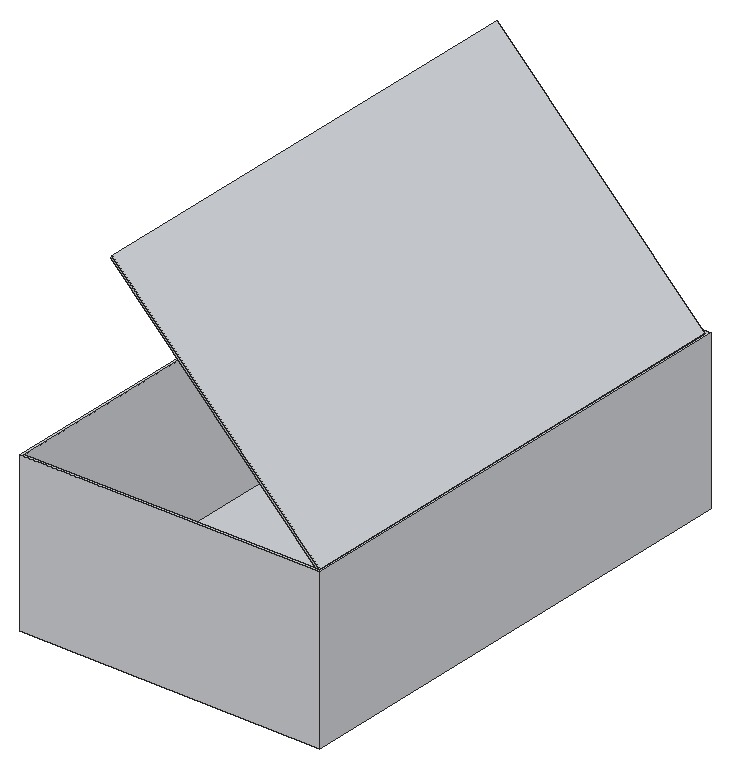
Revit family "Vector-IP65-empty-IT-en", category Electrical Equipment, host Face, Revit 2020
Family settings
  Host = Face
  Panel Configuration = Two Columns, Circuits Across
  Round Connector Dimension = Use Diameter
  Part Type = Panelboard
  Cut with Voids When Loaded = No
  Shared = No
  Room Calculation Point = No
Parameters (values of type "Surface mounted IP65 W400 H650 D210  Modular spacings - VP72G")
  Width Control [instance] = if([HG000006 - Flush mounted], if([EF000846 - Built-in width] > min_whd, [EF000846 - Built-in width], min_whd), if([EF000008 - Width] > min_whd, ([EF000008 - Width]), min_whd))  # 400 mm
  Void Depth [instance] = if([HG000006 - Flush mounted], Depth Control, 1 mm)  # 1 mm
  Type Comments = [HG000003 - Range]  # "Vector"
  System Height [instance] = Height Control - 2 * [HG000005 - Thickness]  # 644 mm
  Model = [HG000004 - Manufacturer reference]  # "VP72G"
  HG000011 - Empty rows from bottom = no
  HG000005 - Thickness = 3 mm  # constant formula
  Arrow Offset [instance] = Depth Control / 8  # 26.25 mm
  Arrow Height [instance] = Depth Control - Arrow Offset  # 183.75 mm
  Host Offset [instance] = if([HG000006 - Flush mounted], 0 mm, [EF000049 - Depth])  # 210 mm
  min_whd [instance] = (2 * [HG000005 - Thickness]) + 1 mm  # 7 mm
  Manufacturer = "Hager"  # constant formula
  Height Control [instance] = if([HG000006 - Flush mounted], if([EF000332 - Built-in height] > min_whd, [EF000332 - Built-in height], min_whd), if([EF000040 - Height] > min_whd, ([EF000040 - Height]), min_whd))  # 650 mm
  HG000010 - Asymmetric doors = no
  HG000009 - Double swing door = no
  HG000008 - Number of empty rows = 0
  HG000007 - Number of empty columns = 0
  HG000006 - Flush mounted = no
  HG000004 - Manufacturer reference = "VP72G"
  HG000003 - Range = "Vector"
  HG000002 - With door or cover = yes
  HG000001 - Number of columns = 0
  Flush Mounted - Door Frame Width [instance] = if(([EF000040 - Height] - [EF000332 - Built-in height]) > 0 mm, if([HG000006 - Flush mounted], [EF000040 - Height] - [EF000332 - Built-in height], 0 mm), 0 mm)  # 0 mm
  EF015941 - Signal passing door = no
  EF015777 - Neutral terminal block = no
  EF015776 - Earthing terminal block = no
  EF009212 - Cover model = "EV000116 - Closed"
  EF006306 - With lock = no
  EF006244 - Transparent cover/door = no
  EF005474 - Degree of protection (IP) = "EV006421 - IP65"
  EF004462 - Type of closure = "EV000154 - Other"
  EF002950 - Width in number of modular spacings = 0
  EF001596 - Material housing = "EV000139 - Plastic"
  EF001134 - DIN-rail = no
  EF001131 - Internal depth = 210 mm
  EF001088 - Extension possible = no
  EF001062 - EMC-version = no
  EF000846 - Built-in width = 0 mm
  EF000339 - Type of cover = "EV004216 - Door"
  EF000332 - Built-in height = 0 mm
  EF000266 - Number of rows = 0
  EF000218 - Built-in depth = 210 mm
  EF000118 - With mounting plate = no
  EF000116 - RAL-number = "7035"
  EF000049 - Depth = 210 mm
  EF000040 - Height = 650 mm
  EF000008 - Width = 400 mm
  EF000007 - Colour = "EV000270 - Grey"
  EF000003 - Mounting method = "EV000384 - Surface mounted (plaster)"
  Door_Right [instance] = yes
  Door_Left [instance] = not(Door_Right)  # no
  Door Swing Angle [instance] = 45.00°
  Door 3d Visibility [instance] = yes
  Depth Control [instance] = if([HG000006 - Flush mounted], if([EF000218 - Built-in depth] > 0 mm, [EF000218 - Built-in depth], 1 mm), if([EF000049 - Depth] > 0 mm, ([EF000049 - Depth]), 1 mm))  # 210 mm
  Default Elevation = 0 mm
  Clearance Visibility [instance] = no
Types (4, lengths in mm): name | Width Control | System Height | Model | Arrow Offset | Arrow Height | Host Offset | Height Control | HG000004 - Manufacturer reference | EF001131 - Internal depth | EF000218 - Built-in depth | EF000118 - With mounting plate | EF000049 - Depth | EF000040 - Height | EF000008 - Width | Depth Control
  Surface mounted IP65 W250 H350 D160  Modular spacings - VP20G | 250 | 344 | "VP20G" | 20 | 140 | 160 | 350 | "VP20G" | 160 | 160 | yes | 160 | 350 | 250 | 160
  Surface mounted IP65 W300 H500 D160  Modular spacings - VP36G | 300 | 494 | "VP36G" | 20 | 140 | 160 | 500 | "VP36G" | 160 | 160 | no | 160 | 500 | 300 | 160
  Surface mounted IP65 W400 H500 D210  Modular spacings - VP54G | 400 | 494 | "VP54G" | 26.25 | 183.75 | 210 | 500 | "VP54G" | 210 | 210 | no | 210 | 500 | 400 | 210
  Surface mounted IP65 W400 H650 D210  Modular spacings - VP72G | 400 | 644 | "VP72G" | 26.25 | 183.75 | 210 | 650 | "VP72G" | 210 | 210 | no | 210 | 650 | 400 | 210
Reference planes
  plane 1 "Center (Front/Back)": y = 0
  plane 2: z = 0
  plane 3 "Center (Left/Right)": x = 0
  plane 4: z = 210
  plane 5: y = 3
  plane 6: z = 205
  plane 7: y = 325
  plane 8: y = 0
  plane 9: y = 650
  plane 10: z = 0
  plane 11: x = -200
  plane 12: x = 200
  plane 13: x = 197
  plane 14: x = -197
  plane 15: y = 647
  plane 16: z = 3
  plane 17: z = 207
  plane 18: z = -1
  plane 19: z = 207
Forms (mm)
  Extrusion 1, solid
    sketch origin (-583.045, 0, 1219.2) x (-1, 0, 0) y (0, 0, 1)
      loop
        line (-383.045, -1009.2) -> (-783.045, -1009.2) -> (-783.045, -1219.2) -> (-383.045, -1219.2) -> (-383.045, -1009.2)
    from 0 to 650 <- "Height Control"
  Extrusion 2, void
    sketch origin (-381.607, -4572, 210) x (0, -1, 0) y (-1, 0, 0)
      loop
        line (-5219, -184.607) -> (-5219, -578.607) -> (-4575, -578.607) -> (-4575, -184.607) -> (-5219, -184.607)
    from 0 to 207
  Extrusion 3, void
    sketch origin (0, 0, 0) x (1, 0, 0) y (0, 1, 0)
      loop
        line (-200, 0) -> (200, 0) -> (200, 650) -> (-200, 650) -> (-200, 0)
    from -1 to 1
  Extrusion 4, solid, detail levels coarse
    sketch origin (-381.607, -4572, 210) x (-1, 0, 0) y (0, -1, 0)
      loop
        line (-184.607, -5219) -> (-184.607, -4575) -> (-578.607, -4575) -> (-578.607, -5219) -> (-184.607, -5219)
    from 0 to -3
Cuts and joins
  Extrusion 2 cuts Extrusion 1
Dimensions and locks
  plane 4 to plane 6 = 5 mm
  "Host Offset": plane 4 to host face
  "Flush Mounted - Door Frame Width": plane 1 "Center (Front/Back)" to plane 8
  "HG000005 - Thickness": plane 5 to plane 8
  locked: connector elem to plane 3 "Center (Left/Right)"
  "Height Control": plane 9 to plane 8
  equal spacing: plane 9, plane 7, plane 8
  locked: connector elem to plane 7
  "Depth Control": plane 4 to plane 10
  "HG000005 - Thickness": plane 11 to plane 14
  "HG000005 - Thickness": plane 12 to plane 13
  equal spacing: plane 11, plane 3 "Center (Left/Right)", plane 12
  "Width Control": plane 11 to plane 12
  "Arrow Offset": nested 4 to plane 10
  "HG000005 - Thickness": plane 9 to plane 15
  "HG000005 - Thickness": plane 16 to plane 10
  "HG000005 - Thickness": plane 4 to plane 17
  "Void Depth": plane 2 to plane 18
  "HG000005 - Thickness": plane 4 to plane 19
  aligned and locked: plane 2 to host face
  aligned and locked: level to host face
  aligned and locked: plane 3 "Center (Left/Right)" to nested 2
  aligned and locked: plane 4 to nested 2
  aligned and locked: nested 2 to plane 8
  aligned and locked: nested 1 to plane 6
  aligned and locked: plane 5 to nested 1
  aligned and locked: nested 4 to plane 11
  aligned and locked: nested 3 to plane 4
  aligned and locked: Extrusion 1 sketch curve to plane 12
  aligned and locked: Extrusion 1 sketch curve to plane 11
  aligned and locked: nested 3 to plane 10
  aligned and locked: plane 10 to Extrusion 1 sketch curve
  aligned and locked: plane 5 to Extrusion 2 sketch curve
  aligned and locked: Extrusion 2 sketch curve to plane 15
  aligned and locked: Extrusion 2 sketch curve to plane 14
  aligned and locked: Extrusion 2 sketch curve to plane 13
  aligned and locked: plane 11 to Extrusion 3 sketch curve
  aligned and locked: plane 9 to Extrusion 3 sketch curve
  aligned and locked: Extrusion 3 sketch curve to plane 8
  aligned and locked: plane 12 to Extrusion 3 sketch curve
  aligned and locked: nested 3 to plane 12
  aligned and locked: Extrusion 3 to plane 18
  aligned and locked: Extrusion 2 to plane 16
  aligned and locked: Extrusion 1 sketch curve to plane 4
  aligned and locked: Extrusion 4 to plane 17
  aligned and locked: Extrusion 4 sketch curve to plane 15
  aligned and locked: Extrusion 4 sketch curve to plane 13
  aligned and locked: Extrusion 4 sketch curve to plane 14
  aligned and locked: plane 5 to Extrusion 4 sketch curve
Automatic sketch dimensions
  host sketch curve to host sketch curve = 1469.727 mm
  host sketch curve to host sketch curve = 1318.837 mm
Nested families
  nested 1: "Hager_Enclosure_System" at (0, 3, 205) x (1, 0, 0) z (0, 1, 0), Depth <- "HG000005 - Thickness", Height <- "System Height", Width <- "EF000008 - Width", Border <- "HG000005 - Thickness", Flush_Mounted <- "HG000006 - Flush mounted", Built-in_Width <- "EF000846 - Built-in width", Row_Module_Multiplicator <- "EF002950 - Width in number of modular spacings", Total_No_Empty_Rows <- "HG000008 - Number of empty rows", Total_No_Rows <- "EF000266 - Number of rows", Empty_Columns <- "HG000007 - Number of empty columns", No_Rows <- "EF000266 - Number of rows", No_Columns <- "HG000001 - Number of columns", Width_Control <- "Width Control", Empty_Rows_From_Bottom <- "HG000011 - Empty rows from bottom", type "Hager_Enclosure_System", detail levels medium+fine
    with Width_Control 400 mm, Width 400 mm, Total_No_Rows 0, Total_No_Empty_Rows 0, Total_No_Columns 1, System_Width 394 mm, Rows_Column 0, Row_Module_Multiplicator 0, Panel_4 no, Panel_3 no, Panel_2 no, Panel_1 no, No_Rows 0, No_Panels_Ctrl 1, No_Columns 0, Hide_Columns yes, Height 644 mm, Flush_Mounted no, Empty_Rows_From_Bottom no, Empty_Rows_Column 0, Empty_Columns 0, Depth 3 mm, Column_Width 394 mm, Built-in_Width 0 mm, Border 3 mm
  nested 2: "Hager_Enclosure_Door" at (0, 0, 210) x (1, 0, 0) z (0, 1, 0), Border <- "HG000005 - Thickness", Door_Right <- "Door_Right", Flush_Mounted <- "HG000006 - Flush mounted", Depth <- "EF000049 - Depth", Width <- "EF000008 - Width", Door_Left <- "Door_Left", 3d_Door <- "Door 3d Visibility", BuiltIn_Width <- "EF000846 - Built-in width", BuiltIn_Height <- "EF000332 - Built-in height", BuiltIn_Depth <- "EF000218 - Built-in depth", Angle <- "Door Swing Angle", Assymetrical <- "HG000010 - Asymmetric doors", Double <- "HG000009 - Double swing door", Clearance <- "Clearance Visibility", Transparent <- "EF006244 - Transparent cover/door", Door <- "HG000002 - With door or cover", Height_Ctrl <- "Height Control", Width_Ctrl <- "Width Control", Height <- "EF000040 - Height", type "Hager_Enclosure_Door", detail levels medium+fine
    with min_wh 7 mm, Width_Ctrl 400 mm, Width 400 mm, Transparent no, Leaf_Width 391 mm, Leaf_Tolerance 1.5 mm, Leaf_Height 641 mm, Leaf_2_Width 391 mm, Leaf_2_Offset 195.5 mm, Leaf_1_Width 391 mm, Leaf_1_Offset 195.5 mm, Height_Ctrl 650 mm, Height 650 mm, Frame_Width_Ctrl 400 mm, Frame_Width 400 mm, Frame_Internal_Offset 0 mm, Frame_Height_Ctrl 650 mm, Frame_Height 650 mm, Frame_Depth_Ctrl 1 mm, Frame_Depth 0 mm, Flush_Mounted no, Double_Clearance_Ctrl no, Double no, Door_Right_Ctrl yes, Door_Right yes, Door_Left_Ctrl no, Door_Left no, Door yes, Depth 210 mm, Clearance_Depth 391 mm, Clearance_Ctrl no, Clearance no, BuiltIn_Width 0 mm, BuiltIn_Height 0 mm, BuiltIn_Depth 210 mm, Border 3 mm, Assymetrical no, Angle 45.00°, 3d_Door yes
  nested 3: "Hager_Enclosure_Symbol_Triangle" at (-200, 0, 0) x (1, 0, 0) z (0, -1, 0), Depth <- "Depth Control", Width <- "Width Control", type "Hager_Enclosure_Symbol_Triangle"
    with Width_Ctrl 400 mm, Width 400 mm, Depth_Ctrl 210 mm, Depth 210 mm
  nested 4: "Hager_Enclosure_Symbol_Arrow" at (-200, 0, 26.25) x (1, 0, 0) z (0, -1, 0), Height <- "Arrow Height", type "Hager_Enclosure_Symbol_Arrow"
    with Width_Inside 13.781 mm, Width 165.375 mm, Height_Ctrl 183.75 mm, Height 183.75 mm
Connectors
  electrical at (0, 325, 0)
    settings: on plane 10, index 1, voltage 0 V, apparent load 0 VA, apparent load phase1 0 VA, apparent load phase2 0 VA, apparent load phase3 0 VA, power factor 1, load classification "Other", number of poles 1, system type 30, power factor state 1, is connector primary yes, connector utility no, sub classification motor no, connector description ""
Definition of nested family "Hager_Enclosure_Door"
  Parameters (values of type "Hager_Enclosure_Door")
    min_wh [instance] = (2 * Border) + 1 mm  # 11 mm
    Width_Ctrl [instance] = 400 mm
    Width [instance] = 500 mm
    Transparent [instance] = yes
    Leaf_Width [instance] = if((Width_Ctrl - 2 * Border - 2 * Leaf_Tolerance) > 0 mm, (Width_Ctrl - 2 * Border - 2 * Leaf_Tolerance), min_wh)  # 387 mm
    Leaf_Tolerance [instance] = 1.5 mm  # constant formula
    Leaf_Height [instance] = if((Height_Ctrl - 2 * Border - 2 * Leaf_Tolerance) > 0 mm, (Height_Ctrl - 2 * Border - 2 * Leaf_Tolerance), min_wh)  # 387 mm
    Leaf_2_Width [instance] = if(and(and(Double, Assymetrical), Door_Left), (Leaf_Width / 3) - (Leaf_Tolerance / 2), if(and(and(Double, Assymetrical), Door_Right), (Leaf_Width / 3) * 2 - (Leaf_Tolerance / 2), if(and(Double, not(Assymetrical)), (Leaf_Width / 2) - Leaf_Tolerance, Leaf_Width)))  # 192 mm
    Leaf_2_Offset [instance] = if(and(Double, Assymetrical), Leaf_2_Width / 2, if(and(Double, not(Assymetrical)), Leaf_Width / 4, Leaf_Width / 2))  # 96.75 mm
    Leaf_1_Width [instance] = if(and(and(Double, Assymetrical), Door_Right), (Leaf_Width / 3) - (Leaf_Tolerance / 2), if(and(and(Double, Assymetrical), Door_Left), (Width / 3) * 2 - (Leaf_Tolerance / 2), if(and(Double, not(Assymetrical)), (Leaf_Width / 2) - Leaf_Tolerance, Leaf_Width)))  # 192 mm
    Leaf_1_Offset [instance] = if(and(Double, Assymetrical), Leaf_1_Width / 2, if(and(Double, not(Assymetrical)), Leaf_Width / 4, Leaf_Width / 2))  # 96.75 mm
    Height_Ctrl [instance] = 400 mm
    Height [instance] = 500 mm
    Frame_Width_Ctrl [instance] = if(Frame_Width > 0 mm, Frame_Width, 1 mm)  # 1 mm
    Frame_Width [instance] = Width - BuiltIn_Width  # 0 mm
    Frame_Internal_Offset [instance] = if(Flush_Mounted, Border, 0 mm)  # 0 mm
    Frame_Height_Ctrl [instance] = if(Frame_Height > 0 mm, Frame_Height, 1 mm)  # 1 mm
    Frame_Height [instance] = Height - BuiltIn_Height  # 0 mm
    Frame_Depth_Ctrl [instance] = if(Frame_Depth > 0 mm, Frame_Depth, 1 mm)  # 1 mm
    Frame_Depth [instance] = if(Depth - BuiltIn_Depth > 0 mm, if(Flush_Mounted, Depth - BuiltIn_Depth, 0 mm), 0 mm)  # 0 mm
    Flush_Mounted [instance] = no
    Double_Clearance_Ctrl [instance] = and(Double, Clearance)  # yes
    Double [instance] = yes
    Door_Right_Ctrl [instance] = and(or(Door_Right, Double), Door)  # yes
    Door_Right [instance] = yes
    Door_Left_Ctrl [instance] = and(or(Door_Left, Double), Door)  # yes
    Door_Left [instance] = no
    Door [instance] = yes
    Depth [instance] = 500 mm
    Default Elevation = 1219.2 mm
    Clearance_Material = none
    Clearance_Depth [instance] = if(Leaf_1_Width > Leaf_2_Width, Leaf_1_Width, Leaf_2_Width)  # 192 mm
    Clearance_Ctrl [instance] = and(not(Double), Clearance)  # no
    Clearance [instance] = yes
    BuiltIn_Width [instance] = 500 mm
    BuiltIn_Height [instance] = 500 mm
    BuiltIn_Depth [instance] = 500 mm
    Border [instance] = 5 mm
    Assymetrical [instance] = no
    Angle [instance] = 65.00°
    3d_Door [instance] = yes
  Reference planes
    plane 1 "Center (Front/Back)": y = 0
    plane 2 "Bottom": z = 0
    plane 3 "Center (Left/Right)": x = 0
    plane 4: z = 400
    plane 5: x = -200
    plane 6: x = 200
    plane 7: z = 395
    plane 8: x = -195
    plane 9: z = 5
    plane 10: x = 195
    plane 11: y = 0
    plane 12: z = 6.5
    plane 13: x = -387
    plane 14: y = -192
    plane 15: x = 387
    plane 16: x = -96.75
    plane 17: x = 96.75
    plane 18: x = -193.5
    plane 19: x = 193.5
    plane 20: z = 393.5
  Forms (mm)
    Extrusion 1, solid, visible <- "Flush_Mounted"
      sketch origin (0, 0, 0) x (1, 0, 0) y (0, 0, 1)
        loop
          line (200, 0) -> (200, 400) -> (-200, 400) -> (-200, 0) -> (200, 0)
        loop
          line (-201, 401) -> (-201, -1) -> (201, -1) -> (201, 401) -> (-201, 401)
      from 0 to 1 <- "Frame_Depth_Ctrl"
    Extrusion 2, solid, material <- "Clearance_Material", visible <- "Double_Clearance_Ctrl"
      sketch origin (1200, 0, 0) x (1, 0, 0) y (0, 0, -1)
        loop
          line (-1587, -393.5) -> (-813, -393.5) -> (-813, 0) -> (-1587, 0) -> (-1587, -393.5)
      from 0 to -192
  Dimensions and locks
    equal spacing: plane 5, plane 3 "Center (Left/Right)", plane 6
    "Width_Ctrl": plane 5 to plane 6
    "Border": plane 5 to plane 8
    "Border": plane 6 to plane 10
    "Border": plane 9 to level
    "Border": plane 4 to plane 7
    "Height_Ctrl": plane 4 to level
    "Leaf_Tolerance": plane 12 to plane 9
    "Frame_Depth": plane 11 to plane 1 "Center (Front/Back)"
    "Frame_Width_Ctrl": plane 5 to Extrusion 1 sketch curve
    "Frame_Width_Ctrl": plane 6 to Extrusion 1 sketch curve
    "Frame_Width_Ctrl": Extrusion 1 sketch curve to plane 4
    "Frame_Width_Ctrl": plane 2 "Bottom" to Extrusion 1 sketch curve
    "Leaf_1_Offset": plane 18 to plane 16
    "Leaf_2_Offset": plane 17 to plane 19
    "Leaf_1_Width": plane 13 to plane 8
    "Leaf_2_Width": plane 10 to plane 15
    "Clearance_Depth": plane 14 to plane 1 "Center (Front/Back)"
    "Leaf_Tolerance": plane 8 to plane 18
    "Leaf_Tolerance": plane 19 to plane 10
    "Leaf_Tolerance": plane 7 to plane 20
    "Frame_Internal_Offset": plane 5 to Extrusion 1 sketch curve
    "Frame_Internal_Offset": Extrusion 1 sketch curve to plane 2 "Bottom"
    "Frame_Internal_Offset": plane 6 to Extrusion 1 sketch curve
    "Frame_Internal_Offset": plane 4 to Extrusion 1 sketch curve
    aligned and locked: level to plane 2 "Bottom"
    aligned and locked: nested 1 to plane 16
    aligned and locked: nested 2 to plane 17
    aligned and locked: Extrusion 2 to plane 13
    aligned and locked: plane 15 to Extrusion 2
    aligned and locked: Extrusion 2 to plane 14
    aligned and locked: plane 12 to nested 1
    aligned and locked: nested 2 to plane 12
    aligned and locked: Extrusion 2 to plane 11
    aligned and locked: plane 20 to Extrusion 2
    aligned and locked: nested 2 to plane 11
    aligned and locked: nested 1 to plane 11
  Automatic sketch dimensions
    Extrusion 2 sketch curve to level = 0 mm
    plane 5 to Extrusion 2 sketch curve = 187 mm
    plane 6 to Extrusion 2 sketch curve = 187 mm
    Extrusion 2 sketch curve to plane 4 = 6.5 mm
  Nested families
    nested 1: "Hager_Enclosure_Door_Leaf" at (-96.75, 0, 6.5), Width <- "Leaf_1_Width", visible <- "Door_Left_Ctrl", Leaf_Height <- "Leaf_Height", Angle <- "Angle", Depth <- "Border", 3d_Door <- "3d_Door", Transparent <- "Transparent", Clearance Material <- "Clearance_Material", Clearance <- "Clearance_Ctrl", type "Hager_Enclosure_Door_Leaf"
      with Width 192 mm, Transparent_Door_Border 25 mm, Transparent_Ctrl yes, Transparent yes, Standard no, Leaf_Height 387 mm, Glass_Offset 1 mm, Depth 5 mm, Clearance Material none, Clearance no, Angle_Ctrl 65.00°, Angle 65.00°, 3d_Door yes
    nested 2: "Hager_Enclosure_Door_Leaf" at (96.75, 0, 6.5) x (-1, 0, 0) z (0, 0, 1), Width <- "Leaf_2_Width", visible <- "Door_Right_Ctrl", Leaf_Height <- "Leaf_Height", Angle <- "Angle", Depth <- "Border", 3d_Door <- "3d_Door", Transparent <- "Transparent", Clearance Material <- "Clearance_Material", Clearance <- "Clearance_Ctrl", type "Hager_Enclosure_Door_Leaf"
      with Width 192 mm, Transparent_Door_Border 25 mm, Transparent_Ctrl yes, Transparent yes, Standard no, Leaf_Height 387 mm, Glass_Offset 1 mm, Depth 5 mm, Clearance Material none, Clearance no, Angle_Ctrl 65.00°, Angle 65.00°, 3d_Door yes
  Definition of nested family "Hager_Enclosure_Door_Leaf"
    Parameters (values of type "Hager_Enclosure_Door_Leaf")
      Width [instance] = 200 mm
      Transparent_Door_Border [instance] = 25 mm  # constant formula
      Transparent_Ctrl [instance] = and(Transparent, [3d_Door])  # yes
      Transparent [instance] = yes
      Standard [instance] = and(not(Transparent), [3d_Door])  # no
      Leaf_Height [instance] = 500 mm
      Glass_Offset [instance] = if((Depth - 10 mm) / 2 > 0 mm, (Depth - 10 mm) / 2, 1 mm)  # 1 mm
      Glass_Material = none
      Depth [instance] = 3 mm
      Default Elevation = 0 mm
      Clearance Material [instance] = none
      Clearance [instance] = no
      Angle_Ctrl [instance] = if(Angle > 170.00°, 170.00°, Angle)  # 163.00°
      Angle [instance] = 163.00°
      3d_Door [instance] = yes
    Reference planes
      plane 1 "Center (Front/Back)": y = 0
      plane 2: z = 0
      plane 3 "Center (Left/Right)": x = 0
      plane 4: y = 200
      plane 5: x = -100
      plane 6: x = 100
      plane 7: x = -300
      plane 8: z = 500
      plane 9: z = 25
      plane 10: z = 475
      plane 11: x = 75
      plane 12: x = -75
    Forms (mm)
      Extrusion 1, solid, material <- "Clearance Material", visible <- "Clearance"
        sketch origin (0, 0, 0) x (1, 0, 0) y (0, 0, 1)
          loop
            line (-300, 500) -> (-300, 0) -> (100, 0) -> (100, 500) -> (-300, 500)
        from 0 to -200
      Extrusion 2, solid, visible <- "Standard", detail levels fine
        sketch origin (-100, 0, 0) x (-0.956305, 0.292372, 0) y (-0.292372, -0.956305, 0)
          loop
            line (0, -3) -> (200, -3) -> (200, 0) -> (0, 0) -> (0, -3)
        from 0 to 500 <- "Leaf_Height"
      Extrusion 3, solid, visible <- "Transparent_Ctrl", detail levels fine
        sketch origin (-100, 0, 0) x (-0.956305, 0.292372, 0) y (-0.292372, -0.956305, 0)
          loop
            line (0, -3) -> (200, -3) -> (200, 0) -> (0, 0) -> (0, -3)
        from 0 to 500 <- "Leaf_Height"
      Extrusion 4, void, detail levels fine
        sketch origin (-100, 0, 0) x (-0.292372, -0.956305, 0) y (-0.956305, 0.292372, 0)
          loop
            line (0, 25) -> (0, 175) -> (-3, 175) -> (-3, 25) -> (0, 25)
        from -475 to -25
      Extrusion 5, solid, material <- "Glass_Material", visible <- "Transparent_Ctrl", detail levels fine
        sketch origin (-100, 0, 0) x (-0.956305, 0.292372, 0) y (-0.292372, -0.956305, 0)
          loop
            line (25, -1) -> (25, -2) -> (175, -2) -> (175, -1) -> (25, -1)
        from 25 to 475
    Cuts and joins
      Extrusion 4 cuts Extrusion 3
    Lines and regions (mm)
      symbolic lines
        curve 1: line (100, 0, 0) -> (-300, 0, 0)
        curve 2: arc (100, 0, 0) -> (-100, 200, 0) -> (-300, 0, 0) r 200
        curve 4: line (-100, 0, 0) -> (-291.261, 58.474, 0)
      reference lines
        curve 3: line (-100, 0, 0) -> (-291.261, 58.474, 0)
      symbolic lines, detail levels medium+fine
        curve 5: line (-291.261, 58.474, 0) -> (-290.384, 61.343, 0)
        curve 6: line (-290.384, 61.343, 0) -> (-99.123, 2.869, 0)
        curve 7: line (-99.123, 2.869, 0) -> (-100, 0, 0)
      symbolic lines, detail levels fine
        curve 8: line (-100, 0, 500) -> (100, 0, 500)
        curve 9: line (-100, 0, 0) -> (-100, 0, 500)
        curve 10: line (100, 0, 0) -> (-100, 0, 0)
        curve 11: line (100, 0, 500) -> (100, 0, 0)
      symbolic lines, visible <- "Transparent_Ctrl", detail levels fine
        curve 12: line (-75, 0, 475) -> (75, 0, 475)
        curve 13: line (-75, 0, 25) -> (-75, 0, 475)
        curve 14: line (75, 0, 25) -> (-75, 0, 25)
        curve 15: line (75, 0, 475) -> (75, 0, 25)
    Dimensions and locks
      "Width": plane 1 "Center (Front/Back)" to plane 4
      equal spacing: plane 5, plane 3 "Center (Left/Right)", plane 6
      "Width": plane 5 to plane 6
      "Width": plane 7 to plane 5
      "Leaf_Height": plane 8 to level
      "Depth": curve 6 to curve 3
      "Width": curve 5 to curve 3
      "Width": curve 3 to curve 3
      "Transparent_Door_Border": Extrusion 4 sketch curve to curve 7
      "Transparent_Door_Border": Extrusion 4 sketch curve to curve 5
      "Transparent_Door_Border": plane 8 to plane 10
      "Transparent_Door_Border": plane 9 to level
      "Glass_Offset": Extrusion 5 sketch curve to curve 4
      "Glass_Offset": Extrusion 5 sketch curve to curve 6
      "Transparent_Door_Border": Extrusion 5 sketch curve to curve 5
      "Transparent_Door_Border": Extrusion 5 sketch curve to curve 7
      "Transparent_Door_Border": plane 12 to plane 5
      "Transparent_Door_Border": plane 6 to plane 11
      "Angle_Ctrl": angle plane 1 "Center (Front/Back)" to curve 3
      aligned and locked: level to plane 2
      aligned and locked: Extrusion 1 to curve 1
      aligned and locked: plane 6 to Extrusion 1
      aligned and locked: plane 1 "Center (Front/Back)" to Extrusion 1
      aligned and locked: plane 4 to Extrusion 1
      aligned and locked: plane 8 to Extrusion 1
      aligned and locked: curve 4 to curve 3
      aligned and locked: Extrusion 2 sketch curve to curve 7
      aligned and locked: Extrusion 2 sketch curve to curve 6
      aligned and locked: Extrusion 2 sketch curve to curve 5
      aligned and locked: Extrusion 2 sketch curve to curve 3
      aligned and locked: curve 7 to Extrusion 3 sketch curve
      aligned and locked: Extrusion 3 sketch curve to curve 4
      aligned and locked: Extrusion 3 sketch curve to curve 6
      aligned and locked: Extrusion 3 sketch curve to curve 5
      aligned and locked: curve 4 to Extrusion 4 sketch curve
      aligned and locked: curve 6 to Extrusion 4 sketch curve
      aligned and locked: Extrusion 4 to plane 9
      aligned and locked: Extrusion 4 to plane 10
      aligned and locked: Extrusion 5 to plane 9
      aligned and locked: Extrusion 5 to plane 10
      aligned and locked: curve 8 to plane 8
      aligned and locked: plane 5 to curve 9
      aligned and locked: plane 2 to curve 10
      aligned and locked: curve 11 to plane 6
      aligned and locked: plane 10 to curve 12
      aligned and locked: plane 12 to curve 13
      aligned and locked: plane 9 to curve 14
      aligned and locked: plane 11 to curve 15
    Automatic sketch dimensions
      plane 1 "Center (Front/Back)" to curve 2 = 0 mm
      curve 2 to plane 5 = 0 mm
      Extrusion 1 sketch curve to level = 0 mm
      Extrusion 1 sketch curve to plane 7 = 0 mm
      Extrusion 1 sketch curve to plane 6 = 0 mm
      Extrusion 1 sketch curve to plane 8 = 0 mm
      plane 1 "Center (Front/Back)" to curve 3 = 0 mm
      curve 3 to plane 5 = 0 mm
      curve 7 to curve 3 = 0 mm
Definition of nested family "Hager_Enclosure_Symbol_Triangle"
  Parameters (values of type "Hager_Enclosure_Symbol_Triangle")
    Width_Ctrl [instance] = if(Width > 1 mm, Width, 1 mm)  # 498 mm
    Width [instance] = 498 mm
    Depth_Ctrl [instance] = if(Depth > 1 mm, Depth, 1 mm)  # 72 mm
    Depth [instance] = 72 mm
  Reference planes
    plane 1 "Centre (avant/arrière)": y = 0
    plane 2: z = 0
    plane 3 "Centre (gauche/droite)": x = 0
  Lines and regions (mm)
    Filled region 1, type "Solid_Black", in view "Niveau de réf."
      outline origin (0, 0, 0) x (1, 0, 0) y (0, 1, 0)
        loop
          line (0, 0) -> (498, 0) -> (498, 72) -> (0, 0)
    reference lines, in view "Niveau de réf."
      curve 1: line (-206.153, 72, 0) -> (1083.258, 72, 0)
      curve 2: line (498, 405.456, 0) -> (498, -517.619, 0)
  Dimensions and locks
    "Depth_Ctrl": plane 1 "Centre (avant/arrière)" to curve 1
    "Width_Ctrl": plane 3 "Centre (gauche/droite)" to curve 2
    aligned and locked: curve 1 to Filled region 1 sketch curve
    aligned and locked: Filled region 1 sketch curve to plane 1 "Centre (avant/arrière)"
    aligned and locked: curve 2 to Filled region 1 sketch curve
    aligned and locked: plane 3 "Centre (gauche/droite)" to Filled region 1 sketch curve
    aligned and locked: plane 1 "Centre (avant/arrière)" to Filled region 1 sketch curve
  Automatic sketch dimensions
    curve 1 to plane 3 "Centre (gauche/droite)" = 206.153 mm
    curve 2 to curve 1 = 585.258 mm
    plane 1 "Centre (avant/arrière)" to curve 2 = 517.619 mm
    curve 2 to plane 1 "Centre (avant/arrière)" = 405.456 mm
Definition of nested family "Hager_Enclosure_Symbol_Arrow"
  Parameters (values of type "Hager_Enclosure_Symbol_Arrow")
    Width_Inside [instance] = if(Width / 12 > 2 mm, Width / 12, 2 mm)  # 4.987 mm
    Width [instance] = if(Height_Ctrl * 0.9 > 2 mm, Height_Ctrl * 0.9, 2 mm)  # 59.85 mm
    Height_Ctrl [instance] = if(Height > 2 mm, Height, 2 mm)  # 66.5 mm
    Height [instance] = 66.5 mm
  Reference planes
    plane 1 "Centre (avant/arrière)": y = 0
    plane 2: z = 0
    plane 3 "Centre (gauche/droite)": x = 0
    plane 4: x = 59.85
    plane 5: y = 28.263
    plane 6: y = 38.238
    plane 7: y = 66.5
    plane 8: x = 29.925
    plane 9: y = 33.25
  Lines and regions (mm)
    Filled region 1, type "Solid_Black", in view "Niveau de réf."
      outline origin (0, 0, 0) x (1, 0, 0) y (0, 1, 0)
        loop
          line (59.85, 66.5) -> (37.929, 52.827) -> (51.846, 41.935) -> (59.85, 66.5)
    detail lines, in view "Niveau de réf."
      curve 1: line (0, 0, 0) -> (29.925, 38.238, 0)
      curve 2: line (29.925, 38.238, 0) -> (29.925, 28.263, 0)
      curve 3: line (29.925, 28.263, 0) -> (59.85, 66.5, 0)
  Dimensions and locks
    "Width": plane 3 "Centre (gauche/droite)" to plane 4
    "Height_Ctrl": plane 7 to plane 1 "Centre (avant/arrière)"
    equal spacing: plane 3 "Centre (gauche/droite)", plane 8, plane 4
    equal spacing: plane 7, plane 9, plane 1 "Centre (avant/arrière)"
    equal spacing: plane 6, plane 9, plane 5
    "Width_Inside": plane 6 to plane 9
    equal spacing: curve 3, Filled region 1 sketch curve, Filled region 1 sketch curve
    angle Filled region 1 sketch curve to curve 3 = 20.00°
    angle curve 3 to Filled region 1 sketch curve = 20.00°
    locked: curve 3 to Filled region 1 sketch curve (angle 90.00°)
  Automatic sketch dimensions
    plane 1 "Centre (avant/arrière)" to curve 1 = 0 mm
    curve 1 to plane 3 "Centre (gauche/droite)" = 0 mm
    curve 2 to plane 6 = 0 mm
    curve 3 to plane 8 = 0 mm
    curve 3 to plane 4 = 0 mm
    curve 2 to plane 5 = 0 mm
    curve 3 to plane 7 = 0 mm
    Filled region 1 sketch curve to plane 4 = 0 mm
    Filled region 1 sketch curve to plane 7 = 0 mm
